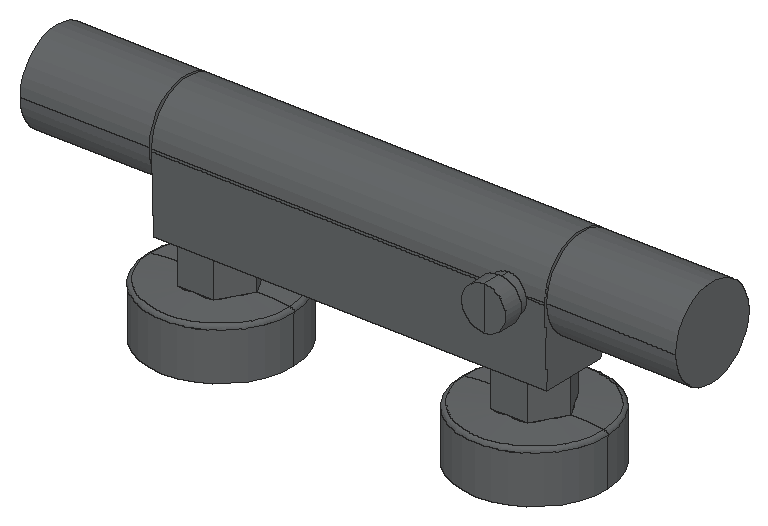
Revit family "Grohe_ThermostaticShowerMixer_34827KF0", category Plumbing Fixtures, host Face, Revit 2020
Family settings
  Host = Face
  Round Connector Dimension = Use Diameter
  Part Type = Normal
  OmniClass Number = 23.45.05.00
  OmniClass Title = Sanitary Equipment
  Cut with Voids When Loaded = No
  Shared = No
  Room Calculation Point = No
Parameters (values of type "Thermostatic Shower Mixer (34827KF0)")
  _ObjectUserGuide = "https://www.bimstore.co/products/grohe-34827KF0/document/object-user-guide"
  _DistributedBy = "https://www.bimstore.co/"
  _CurrentRevision = 1
  _CreatedBy = "https://www.bimstore.co/"
  _BimSpecGuid = 0
  _BSBibleVersion = 17
  _AuthorizedBy = "bimstore"
  _Author = "RL 171"
  WarrantyStartDate [instance] = "Please Record on Commissioning"
  WarrantyGuarantorParts = "info-uk@grohe.com"
  WarrantyGuarantorLabor = "info-uk@grohe.com"
  WarrantyDurationUnit = "Years"
  WarrantyDurationParts = "0"
  WarrantyDurationLabor = "0"
  WarrantyDescription = "n/a"
  URL = "https://www.grohe.co.uk/en_gb/-34827KF0.html"
  TypeName = "Thermostatic Shower Mixer"
  Type Comments = "Thermostatic Shower Mixer"
  TPIDocumentLink = "https://cdn.cloud.grohe.com/tpi/2000/2100/2190/2194/2194598/original/2194598.pdf"
  SustainabilityReport = "green.grohe.com/reporting"
  SustainabilityAward = "green.grohe.com/awards"
  SpareParts = "info-uk@grohe.com"
  Size = "n/a"
  Shape = "n/a"
  SerialNumber [instance] = "Please Record on Commissioning"
  ReplacementCost = "n/a"
  ReferencedStandard = "n/a"
  ProductionYear = "2023"
  ProductType = "Thermostat"
  ProductShortText = "Thermostatic shower mixer 1/2\""
  ProductNumber = "34827KF0"
  ProductDescription = "wall mounted\r\n\r\nGROHE CoolTouch safety housing\r\n\r\nGROHE Long-Life finish\r\n\r\nGROHE SafeStop safety button at 38°C\r\n\r\nGROHE SafeStop Plus optional temperature limiter at 43°C included\r\n\r\nGROHE TurboStat compact cartridge with wax thermoelement\r\n\r\nGROHE ProGrip with knurl structure\r\n\r\nintegrated mixed water shut off\r\n\r\nvolume handle with GROHE EcoButton (economy button with individually adjustable economy stop)\r\n\r\nceramic headpart 1/2\", 180°\r\n\r\nshower bottom outlet 1/2\"\r\n\r\nbuilt-in non return valves\r\n\r\ndirt strainers\r\n\r\nprotected against backflow\r\n\r\nS-unions\r\n\r\nmetal escutcheon\r\n\r\nGROHE Water Saving - Less water, perfect flow\r\n\r\nprofessional exclusive"
  PrimaryMaterial = Grohe_Black
  PQDiagramLink = "https://cdn.cloud.grohe.com/PQCharts/lores/3/348/original/34827KF0-pqchart-en_GB.svg"
  NominalLength = 0 mm
  NominalHeight = 0 mm
  NominalDepth = 0 mm
  NBSReference = "45-35-70/323"
  NBSOfficeMasterTag = "n/a"
  NBSObjectName = "Grohe - Shower fittings package"
  NBSNote = "n/a"
  NBSDescription = "Shower fittings package"
  ModelReference = "Thermostatic Shower Mixer"
  ModelNumber = "34827KF0"
  Model = "Thermostatic Shower Mixer"
  Material = "n/a"
  ManufacturerName = "Grohe"
  Manufacturer = "Grohe"
  Keynote = "N16"
  InstallationVideo = "n/a"
  InstallationDate [instance] = "Please Record on Commissioning"
  IfcExportType = "IfcPipeFittingType"
  IfcExportAs = "IfcPipeFitting"
  Grade = "n/a"
  GROHESustainability = "green.grohe.com"
  GROHESocialCommittment = "green.grohe.com/social_engagement"
  FullRecyclabilityOfPlastic = "All plastic components are fully recycable"
  Finish = "Black"
  Features = "n/a"
  ExpectedLife = 0
  Ecojoy = no
  DurationUnit = "Years"
  DocumentationTechnical = "https://www.bimstore.co/products/grohe-34827KF0/document/technical-data-sheet"
  DocumentationMaintenance = "https://www.bimstore.co/products/grohe-34827KF0/document/maintenance-information"
  DocumentationLiterature = "https://www.bimstore.co/products/grohe-34827KF0/document/product-literature"
  DocumentationInstallationGuide = "https://www.bimstore.co/products/grohe-34827KF0/document/installation-guide"
  DocumentationCertificates = "https://www.bimstore.co/products/grohe-34827KF0/document/product-certificates"
  DimensionsDocumentLink = "https://cdn.cloud.grohe.com/dimdraw/100000/100000/100000/100100/100150/100155/100155481/1280/100155481.jpg"
  Description = "Thermostatic Shower Mixer"
  Default Elevation = 0 mm
  CreatedOn = "2023-12-05T:09:00:00"
  CreatedBy = "info-uk@grohe.com"
  CradleToCradleCertification = "n/a"
  Cost = 0
  Constituents = "n/a"
  Color = "Grohe_Black"
  CodePerformance = "n/a"
  ClassificationValue = "Pr_40_20_87_55"
  ClassificationName = "Uniclass2015"
  CO2NeutralProduction = "GROHE is one of the first leading manufacturer within the sanitary industry having a CO2-neutral production."
  BarCode [instance] = "Please Record on Commissioning"
  BIMObjectName = "Grohe_ThermostaticShowerMixer_34827KF0"
  AssetType = "Fixed"
  AssetIdentifier [instance] = "n/a"
  Assembly Code = "D2013"
  AccessibilityPerformance = "n/a"
Reference planes
  plane 1 "Center (Front/Back)": y = 0
  plane 2: z = 0
  plane 3 "Center (Left/Right)": x = 0
Forms (mm)
  Revolve 1, solid, material "Grohe_Black" <- "PrimaryMaterial"
    sketch origin (0, 0, 0) x (1, 0, 0) y (0, 0, 1)
      loop
        line (-110, 0) -> (-75, 0) -> (-75, 26)
        arc (-75, 26) -> (-91.614, 25.693) -> (-108.206, 24.773) r 450.001
        arc (-108.206, 24.773) -> (-109.482, 24.16) -> (-110, 22.841) r 1.937
        line (-110, 22.841) -> (-110, 0)
      axis (-75, 26) -> (-75, 0)
    angle from 0 to 360
  Revolve 2, solid, material "Grohe_Black" <- "PrimaryMaterial"
    sketch origin (0, 0, 0) x (-1, 0, 0) y (0, 0, 1)
      loop
        line (-110, 0) -> (-75, 0) -> (-75, 26)
        arc (-75, 26) -> (-91.614, 25.693) -> (-108.206, 24.773) r 450.001
        arc (-108.206, 24.773) -> (-109.482, 24.16) -> (-110, 22.841) r 1.937
        line (-110, 22.841) -> (-110, 0)
      axis (-75, 26) -> (-75, 0)
    angle from 0 to 360
  Extrusion 3, solid, material "Grohe_Black" <- "PrimaryMaterial"
    sketch origin (0, 0, 0) x (1, 0, 0) y (0, 1, 0)
      loop
        line (-57.679, 0) -> (-66.34, 15) -> (-83.66, 15) -> (-92.321, 0) -> (-83.66, -15) -> (-66.34, -15) -> (-57.679, 0)
    from 22.246 to 46.636
  Extrusion 4, solid, material "Grohe_Black" <- "PrimaryMaterial"
    sketch origin (0, 0, 0) x (-1, 0, 0) y (0, -1, 0)
      loop
        line (-57.679, 0) -> (-66.34, 15) -> (-83.66, 15) -> (-92.321, 0) -> (-83.66, -15) -> (-66.34, -15) -> (-57.679, 0)
    from 22.246 to 46.636
  Extrusion 5, solid, material "Grohe_Black" <- "PrimaryMaterial"
    sketch origin (0, 0, 0) x (0, 1, 0) y (0, 0, 1)
      loop
        line (-16.439, 43.601) -> (15.504, 43.601)
        arc (15.504, 43.601) -> (23.033, 61.552) -> (25.603, 80.848) r 73.738
        line (25.603, 80.848) -> (25.603, 81.848)
        arc (25.603, 81.848) -> (4.009, 103.441) -> (-17.585, 81.848) r 21.594
        line (-17.585, 81.848) -> (-17.585, 80.848)
        arc (-17.585, 80.848) -> (-17.298, 62.216) -> (-16.439, 43.601) r 605.862
    from -93.912 to 93.901
  Extrusion 6, solid, material "Grohe_Black" <- "PrimaryMaterial"
    sketch origin (0, 0, 0) x (0, 1, 0) y (0, 0, 1)
      loop
        circle (4.009, 81.848) r 21.594
    from -156.746 to -95.054
  Extrusion 7, solid, material "Grohe_Black" <- "PrimaryMaterial"
    sketch origin (1.142, 0, -1.875) x (0, 1, 0) y (0, 0, 1)
      loop
        circle (4.009, 82.16) r 15
    from -96.196 to -95.054
  Extrusion 8, solid, material "Grohe_Black" <- "PrimaryMaterial"
    sketch origin (0, 0, 0) x (0, 1, 0) y (0, 0, -1)
      loop
        circle (4.009, -81.848) r 21.594
    from -156.746 to -95.054
  Extrusion 9, solid, material "Grohe_Black" <- "PrimaryMaterial"
    sketch origin (-1.142, 0, -1.875) x (0, 1, 0) y (0, 0, -1)
      loop
        circle (4.009, -82.16) r 15
    from -96.196 to -95.054
  Revolve 10, solid, material "Grohe_Black" <- "PrimaryMaterial"
    sketch origin (76, 0, 0) x (0, 1, 0) y (0, 0, 1)
      loop
        line (-14, 88.4) -> (-22.5, 88.4) -> (-22.5, 89.88) -> (-31.4, 89.88) -> (-31.4, 79.412) -> (-14, 79.412) -> (-14, 88.4)
      axis (-14, 79.412) -> (-31.4, 79.412)
    angle from 0 to 360
Cuts and joins
  joined: Revolve 1, Extrusion 3
  joined: Revolve 2, Extrusion 4
  joined: Extrusion 5, Revolve 10
Dimensions and locks
  aligned and locked: plane 2 to host face
  aligned and locked: level to host face
